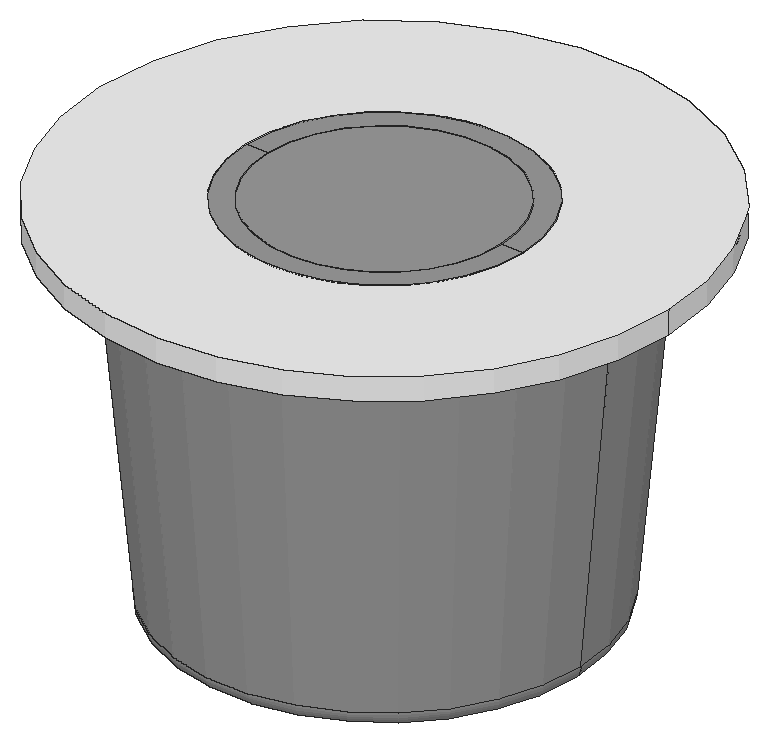
Revit family "3079341 Feilo Sylvania Lighting Fixture INST ECO KIT LED WH 36° WW DIMMABLE", category Lighting Fixtures, host Face, Revit 2017
Family settings
  Host = Face
  Round Connector Dimension = Use Diameter
  Part Type = Normal
  OmniClass Number = 23.80.70.11.17
  OmniClass Title = Specialized Lighting by Location or Use
  Cut with Voids When Loaded = No
  Light Source = Yes
  Shared = No
  Room Calculation Point = No
Parameters (values of type "3079341 INST ECO KIT LED WH 36° WW DIMMABLE")
  Weight = "7.04 kg"
  WarrantyStartDate [instance] = "n/a"
  WarrantyGuarantorParts = "n/a"
  WarrantyDurationUnit = "n/a"
  WarrantyDurationParts = "n/a"
  WarrantyDescription = "n/a"
  Voltage = 230 V
  TypeName = "INST ECO KIT LED WH 36° WW DIMMABLE"
  SerialNumber [instance] = "n/a"
  ReflectorRadius_FEILO = ReflectorDiameter_FEILO / 2  # 19.0 mm
  PowerFactor = 0
  PowerConsumption = "10 W"
  NominalWidth = 0.0 mm
  NominalLength = 78.0 mm
  NominalHeight = 50.0 mm
  Name = "INST ECO KIT LED WH 36° WW DIMMABLE"
  ModelReference = "INST ECO KIT LED WH 36° WW DIMMABLE"
  ModelNumber = "3079341"
  Material_1_FEILO = Steel_Sylvania_Instar Eco Kit LED Fixed SunDim_Silver
  ReflectorDiameter_FEILO = Diameter_FEILO - 40.0 mm  # 38.0 mm
  Radius_FEILO = 39.0 mm
  Material = "aluminium housing, plastic diffuser"
  ManufacturerName = "Feilo Sylvania"
  LuminousEfficacy = "46.2 lm/W"
  LuminaireType = ""
  LightOutputRatio = "100"
  LampsType = Lamp  # "LED"
  LampNominalLuminous = "462 lm"
  LampMacAdamStep = "n/a"
  LampColourTemperature = "3000 K"
  LampColourRenderingIndex = "83"
  Keynote = "16500"
  InstallationDate [instance] = "n/a"
  InputVoltage = "220-240V~"
  InputNominalFrequency = "n/a"
  IngressProtection = "IP44"
  ImpactProtectionIndex = "IK02"
  IfcExportType = "IfcLightFixtureType"
  IfcExportAs = "IfcLightFixtureType"
  HousingRadius_FEILO = ReflectorRadius_FEILO + 12.0 mm  # 31.0 mm
  ExpectedLife = 50000
  ElectricShockClassification = "Class II"
  DurationUnit = "hours"
  DocumentationLiterature = "http://www.sylvania-lighting.com/product/en-int/products/3079341"
  DimmingControlOptions = "Dimmable"
  DiffuserDiameter_FEILO = Diameter_FEILO - 46.0 mm  # 32.0 mm
  Diameter_FEILO = Radius_FEILO * 2  # 78.0 mm
  Wattage = 10 W
  built-in parameter 1150110 = 1 (stored number, unit not read)
  URL = "http://www.sylvania-lighting.com"
  built-in parameter 1114217 = 1 (stored number, unit not read)
  Tilt Angle = -90°
  built-in parameter 1150109 = 1 (stored number, unit not read)
  built-in parameter 1150134 = (empty or 0)
  built-in parameter 1150113 = 1 (stored number, unit not read)
  Photometric Web File = "3079341.ies"
  Emit from Circle Diameter = DiffuserDiameter_FEILO  # 32.0 mm
  Emit Shape Visible in Rendering = no
  Material_2_FEILO = Polycarbonate_Sylvania_Instar Eco Kit LED Fixed SunDimi_Clear
  CutoutDiameter_FEILO = Diameter_FEILO - 10.0 mm  # 68.0 mm
  CreatedOn = "2/19/2018"
  CreatedBy = ""
  built-in parameter 1114216 [instance] = 1 (stored number, unit not read)
  Model = "INST ECO KIT LED WH 36° WW DIMMABLE"
  Manufacturer = "Feilo Sylvania"  # constant formula
  built-in parameter 1150105 = 846.85 (stored number, unit not read)
  Lumens = 462 lm
  built-in parameter 1150115 = 1 (stored number, unit not read)
  built-in parameter 1150137 = (empty or 0)
  built-in parameter 1150139 = (empty or 0)
  built-in parameter 1150112 = 1 (stored number, unit not read)
  built-in parameter 1150114 = 1 (stored number, unit not read)
  Lamp = "LED"
  built-in parameter 1150132 = 2
  built-in parameter 1150102 = (empty or 0)
  built-in parameter 1150107 = 3000 (stored number, unit not read)
  built-in parameter 1150138 = (empty or 0)
  built-in parameter 1150106 = 8.4685 (stored number, unit not read)
  Material_3_FEILO = Steel_Sylvania_Instar Eco Kit LED Fixed SunDim_Silver
  built-in parameter 1150104 = 4.2921 (stored number, unit not read)
  Dimming Lamp Color Temperature Shift = <None>
  Description = "Significant energy savings compared to traditional CFL and 2D fixtures . Excellent flashing provides perfect homogenous light distribution . Unique feature allowing a choice between High Output or High efficiency with the flick of a switch. 50,000 hours life, providing a maintenance free lighting solution . Halo backlight . IP65 fitting resistant to dust and water jet ingress. Tamper resistant locking feature . Ceiling or wall mounted . Integral emergency options suitable for use on defined escape routes. Low profile fitting . Choice of White and Brushed Aluminium trim finishes. Option to add microwave sensor for maximum energy savings"  # constant formula
  Default Elevation = 0.0 mm
  Color Filter = 16777215
  built-in parameter 1140040 [instance] = 1
  BarCode [instance] = "n/a"
  built-in parameter 1114218 = 1 (stored number, unit not read)
  built-in parameter 1150133 = 10 (stored number, unit not read)
  AssetType = "Fixed"
  AssetIdentifier [instance] = "n/a"
  Assembly Code = "D5020200"
  Apparent Load = 10 VA
  Material_4_FEILO = Aluminum_Sylvania_Instar Eco Kit LED Fixed SunDim_White
Reference planes
  plane 1 "Center (Front/Back)": y = 0
  plane 2: z = 0
  plane 3 "Center (Left/Right)": x = 0
  plane 4 "Fixture Bottom": z = 3
  plane 5 "Reflector Top": z = -17.5
  plane 6 "Fixture Top": z = -47
  plane 7: z = -3.024
Forms (mm)
  Extrusion 1, solid, material "Aluminum_Sylvania_Instar Eco Kit LED Fixed SunDim_White" <- "Material_4_FEILO", detail levels fine
    sketch origin (0, 0, 59) x (-1, 0, 0) y (0, -1, 0)
      loop
        circle (0, 0) r 39
      loop
        circle (0, 0) r 19
    from -59 to -56
  Revolve 2, solid, material "Steel_Sylvania_Instar Eco Kit LED Fixed SunDim_Silver" <- "Material_1_FEILO", detail levels fine
    sketch origin (0, 0, 0) x (1, 0, 0) y (0, 0, 1)
      loop
        line (-19, 3) -> (-19, -1) -> (-16, -1)
        arc (-16, -1) -> (-13.541, -10.449) -> (-6.787, -17.5) r 19.382
        line (-6.787, -17.5) -> (0, -17.5) -> (0, -16.5) -> (-6.5, -16.5)
        arc (-6.5, -16.5) -> (-12.736, -9.839) -> (-15, -1) r 18.382
        line (-15, -1) -> (-15, 0) -> (-16, 0) -> (-16, 3) -> (-19, 3)
      axis (0, 3) -> (0, -17.5)
    angle from 0 to 360
  Extrusion 3, solid, material "Polycarbonate_Sylvania_Instar Eco Kit LED Fixed SunDimi_Clear" <- "Material_2_FEILO", detail levels fine
    sketch origin (0, 0, 59) x (-1, 0, 0) y (0, -1, 0)
      loop
        circle (0, 0) r 16
    from -59 to -56
  Revolve 4, solid, material "Steel_Sylvania_Instar Eco Kit LED Fixed SunDim_Silver" <- "Material_3_FEILO", detail levels fine
    sketch origin (0, 0, 0) x (1, 0, 0) y (0, 0, 1)
      loop
        line (-31, -3.024) -> (-27, -45)
        arc (-27, -45) -> (-26.414, -46.414) -> (-25, -47) r 2
        line (-25, -47) -> (0, -47) -> (0, -45) -> (-24.991, -45) -> (-29, -2.929) -> (-29, 0) -> (-31, 0) -> (-31, -3.024)
      axis (0, 0) -> (0, -47)
    angle from 0 to 360
  Extrusion 5, void
    sketch origin (0, 0, 59) x (-1, 0, 0) y (0, -1, 0)
      loop
        circle (0, 0) r 34
    from -106 to -56
  Revolve 6, solid, material "Aluminum_Sylvania_Instar Eco Kit LED Fixed SunDim_White" <- "Material_4_FEILO", detail levels coarse+medium
    sketch origin (0, 0, 0) x (1, 0, 0) y (0, 0, 1)
      loop
        line (-31, -3.024) -> (-26.809, -47) -> (0, -47) -> (0, 3) -> (-39, 3) -> (-39, 0) -> (-31, 0) -> (-31, -3.024)
      axis (0, 3) -> (0, -47)
    angle from 0 to 360
Dimensions and locks
  plane 4 "Fixture Bottom" to plane 2 to plane 7 to plane 5 "Reflector Top" = 3.0 mm locked, 3.024 mm locked, 14.476 mm locked
  "ReflectorRadius_FEILO": plane 3 "Center (Left/Right)" to Revolve 2 sketch curve
  Revolve 2 sketch curve to Revolve 2 sketch curve to Revolve 2 sketch curve to Revolve 2 sketch curve = 3.0 mm locked, 1.0 mm locked, 8.5 mm locked
  locked: plane 4 "Fixture Bottom" to Revolve 2 sketch curve at 4
  locked: Revolve 2 sketch curve to Revolve 2 sketch curve at 1
  locked: Revolve 2 sketch curve to plane 5 "Reflector Top" at 1
  plane 4 "Fixture Bottom" to plane 6 "Fixture Top" = 50.0 mm
  "HousingRadius_FEILO": plane 3 "Center (Left/Right)" to Revolve 4 sketch curve
  locked: Revolve 4 sketch curve to Revolve 4 sketch curve at 4
  locked: Revolve 4 sketch curve to Revolve 4 sketch curve at 6
  locked: Revolve 4 sketch curve to Revolve 4 sketch curve at 2  (x2)
  locked: Revolve 4 sketch curve to plane 6 "Fixture Top" at 2
  "Radius_FEILO": plane 3 "Center (Left/Right)" to Revolve 6 sketch curve
  Revolve 6 sketch curve to Revolve 6 sketch curve to Revolve 6 sketch curve = 4.191 mm locked, 8.0 mm locked
  "Diameter_FEILO": diameter of Extrusion 1 sketch curve
  "ReflectorDiameter_FEILO": diameter of Extrusion 1 sketch curve
  "DiffuserDiameter_FEILO": diameter of Extrusion 3 sketch curve
  "CutoutDiameter_FEILO": diameter of Extrusion 5 sketch curve
  aligned and locked: plane 2 to host face
  aligned and locked: level to host face
  aligned and locked: Extrusion 1 to plane 2
  aligned and locked: plane 4 "Fixture Bottom" to Extrusion 1
  aligned and locked: Extrusion 1 to Revolve 2 sketch curve
  aligned and locked: Revolve 2 sketch curve to plane 5 "Reflector Top"
  aligned and locked: Revolve 2 sketch curve to plane 3 "Center (Left/Right)"
  aligned and locked: Revolve 2 sketch curve to Revolve 2 sketch curve
  aligned and locked: Extrusion 3 to plane 2
  aligned and locked: plane 4 "Fixture Bottom" to Extrusion 3
  aligned and locked: Revolve 4 sketch curve to plane 2
  aligned and locked: Revolve 4 sketch curve to plane 3 "Center (Left/Right)"  (x2)
  aligned and locked: plane 6 "Fixture Top" to Extrusion 5
  aligned and locked: plane 4 "Fixture Bottom" to Extrusion 5
  aligned and locked: Revolve 6 sketch curve to plane 4 "Fixture Bottom"
  aligned and locked: Revolve 6 sketch curve to plane 2
  aligned and locked: Revolve 6 sketch curve to plane 6 "Fixture Top"
  aligned and locked: plane 1 "Center (Front/Back)" to imposter light
  aligned and locked: plane 3 "Center (Left/Right)" to imposter light
  aligned and locked: imposter light to plane 4 "Fixture Bottom"
Automatic sketch dimensions
  host sketch curve to host sketch curve = 1525.184 mm
  host sketch curve to host sketch curve = 1539.302 mm
  Extrusion 1 sketch curve to Extrusion 1 sketch curve = 0.0 mm  (x2)
  plane 1 "Center (Front/Back)" to Extrusion 1 sketch curve = 0.0 mm
  Extrusion 1 sketch curve to plane 3 "Center (Left/Right)" = 0.0 mm
  Revolve 2 sketch curve to Revolve 2 sketch curve = 0.0 mm  (x2)
  Revolve 2 sketch curve to plane 3 "Center (Left/Right)" = 0.0 mm
  Revolve 2 sketch curve to level = 0.0 mm
  plane 6 "Fixture Top" to Revolve 2 sketch curve = 306.274 mm
  plane 4 "Fixture Bottom" to Revolve 2 sketch curve = 426.738 mm
  plane 1 "Center (Front/Back)" to Extrusion 3 sketch curve = 0.0 mm
  Extrusion 3 sketch curve to plane 3 "Center (Left/Right)" = 0.0 mm
  Revolve 4 sketch curve to plane 6 "Fixture Top" = 0.0 mm
  Revolve 4 sketch curve to plane 7 = 0.0 mm
  plane 6 "Fixture Top" to Revolve 4 sketch curve = 325.274 mm
  plane 4 "Fixture Bottom" to Revolve 4 sketch curve = 446.738 mm
  plane 1 "Center (Front/Back)" to Extrusion 5 sketch curve = 0.0 mm
  Extrusion 5 sketch curve to plane 3 "Center (Left/Right)" = 0.0 mm
  Revolve 6 sketch curve to plane 3 "Center (Left/Right)" = 0.0 mm  (x2)
  Revolve 6 sketch curve to plane 7 = 0.0 mm
  Revolve 6 sketch curve to plane 4 "Fixture Bottom" = 0.0 mm
  plane 6 "Fixture Top" to Revolve 6 sketch curve = 325.274 mm
Connectors
  electrical at (0, 0, -47), driven by "Apparent Load", driven by "Voltage", driven by "PowerFactor"
    settings: on Revolve 6, index 1, voltage 230 V, apparent load 0 VA, apparent load phase1 10 VA, apparent load phase2 0 VA, apparent load phase3 0 VA, power factor 0, load classification "Lighting", number of poles 1, system type 31, power factor state 1, is connector primary yes, connector utility no, sub classification motor no, connector description ""
